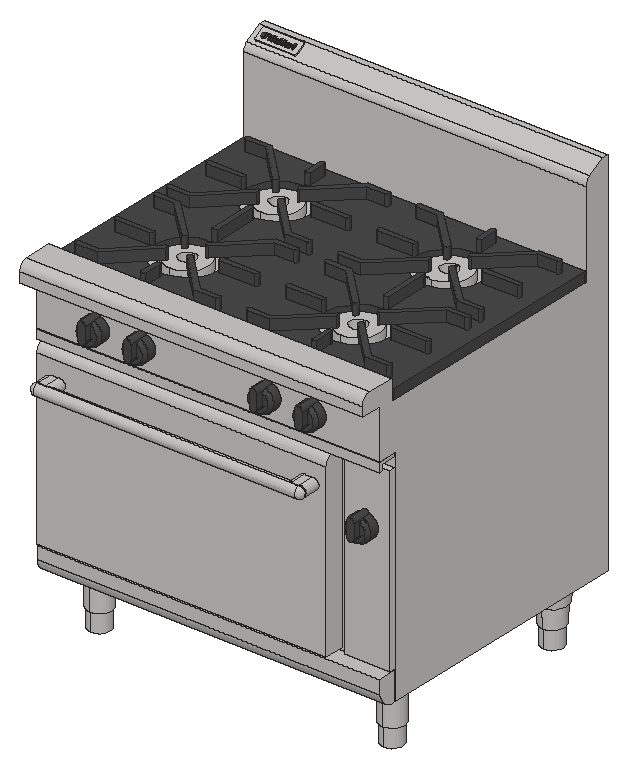
Revit family "QF_MOFFAT WALDORF_RN8910G", category Specialty Equipment, Revit 2012
Parameters
  Width = 900 mm
  Weight in Pounds = 215
  URL Cutsheet = "www.moffat.com"
  URL = "www.moffat.com"
  Type Mark [instance] = ""
  Status [instance] = ""
  Specification by User [instance] = ""
  Specification by Manufacturer = ""
  Show Logo [instance] = yes
  Show Clearance [instance] = yes
  Serial Number = ""
  Seismic Rating = ""
  SMACNA No = ""
  Revision Code [instance] = ""
  Omniclass Number and Title = ""
  NAFEM Spec ID Number = ""
  Model = "RN8910G"
  Mechanical Remarks = ""
  Mechanical Connection Type [instance] = ""
  Masterspec = ""
  Manufacturer = "MOFFAT WALDORF"
  Item Number [instance] = ""
  Installed By [instance] = ""
  Identify Quantity as Lot [instance] = yes
  Height = 1130 mm
  Gas Size = 3/4"
  Gas RI Height [instance] = 0 mm
  Gas KW [instance] = 40
  Gas Input [instance] = 134590.0 Btu/h
  Gas Connection Height = 0 mm
  Furnished By [instance] = ""
  Foodservice Equipment Identifier [instance] = yes
  Description = "RANGE GAS WITH STATIC OVEN"
  Depth = 805 mm
  CSI MasterFormat = ""
  CSI Master Format = ""
  Body Finish = QF_Finishes_Stainless Steel
Reference planes
  plane 1 "BACK": y = 0
  plane 2: z = 0
  plane 3 "LEFT": x = 0
  plane 4 "RIGHT": x = 900
  plane 5 "FRONT": y = -805
  plane 6 "TOP": z = 1130
  plane 7 "Center Y": x = 450
  plane 8 "Center X": y = -402.5
  plane 9: x = 280
  plane 10: y = -574.272
  plane 11: x = 60
  plane 12: y = -304.972
  plane 13: y = -364.972
  plane 14: x = 74
  plane 15: y = -805
  plane 16: x = 834.5
  plane 17: y = -32
  plane 18: z = 655
  plane 19: x = 65.8
Forms (mm)
  Extrusion 1, solid, material "QF_Finishes_Stainless Steel" <- "Body Finish"
    sketch origin (0, 0, 0) x (0, 1, 0) y (0, 0, 1)
      loop
        line (0, 150) -> (0, 1130) -> (-16.5, 1130) -> (-58.709, 1105.631)
        arc (-58.709, 1105.631) -> (-66.975, 1097.365) -> (-70, 1086.074) r 22.582
        line (-70, 1086.074) -> (-70, 861.8) -> (-709, 861.8) -> (-709, 915) -> (-781, 915)
        arc (-781, 915) -> (-797.971, 907.971) -> (-805, 891) r 24
        line (-805, 891) -> (-805, 866) -> (-749, 866) -> (-749, 736.219) -> (-696.73, 736.219) -> (-696.73, 150) -> (0, 150)
      loop
        line (-700.93, 150.071) -> (-700.93, 222.5) -> (-746.73, 222.5) -> (-746.73, 188)
        arc (-746.73, 188) -> (-731.317, 159.995) -> (-700.93, 150.071) r 43.526
      loop
        line (-749, 710) -> (-740.224, 710) -> (-742.613, 726.999) -> (-700.93, 726.999) -> (-700.93, 734.003) -> (-749, 734.003) -> (-749, 710)
    from 0 to 900
  Extrusion 2, solid, material "QF_Finishes_Stainless Steel"
    sketch origin (0, 0, 0) x (0, 1, 0) y (0, 0, 1)
      loop
        line (-699, 700) -> (-725, 700)
        arc (-725, 700) -> (-741.971, 692.971) -> (-749, 676) r 24
        line (-749, 676) -> (-749, 227.5) -> (-699, 227.5) -> (-699, 700)
    from 0 to 760
  Extrusion 3, solid, material "QF_Finishes_Stainless Steel"
    sketch origin (723.5, 0, 0) x (0, 1, 0) y (0, 0, 1)
      loop
        line (-699, 700) -> (-714, 700) -> (-714, 227.5) -> (-699, 227.5) -> (-699, 700)
    from 56.898 to 176.5
  Revolve 4, solid, material "QF_Finishes_Stainless Steel" <- "Body Finish"
    sketch origin (834.5, -165, 0) x (0, 1, 0) y (0, 0, -1)
      loop
        line (33.25, -50) -> (31.418, -102.468) -> (26.406, -102.468) -> (22.247, -150) -> (65, -150) -> (65, 0) -> (37.5, 0) -> (37.5, -50) -> (33.25, -50)
      axis (65, -150) -> (65, 0)
    angle from 0 to 360
  Revolve 5, solid, material "QF_Finishes_Stainless Steel" <- "Body Finish"
    sketch origin (834.5, -696.126, 0) x (0, 1, 0) y (0, 0, -1)
      loop
        line (39.376, -150) -> (71.126, -150) -> (71.126, 0) -> (43.626, 0) -> (43.626, -50) -> (39.376, -50) -> (39.376, -150)
      axis (71.126, -150) -> (71.126, 0)
    angle from 0 to 360
  Revolve 6, solid, material "QF_Finishes_Stainless Steel" <- "Body Finish"
    sketch origin (65.5, -165, 0) x (0, 1, 0) y (0, 0, 1)
      loop
        line (31.418, 102.468) -> (33.25, 50) -> (37.5, 50) -> (37.5, 0) -> (65, 0) -> (65, 150) -> (22.247, 150) -> (26.406, 102.468) -> (31.418, 102.468)
      axis (65, 150) -> (65, 0)
    angle from 0 to 360
  Revolve 7, solid, material "QF_Finishes_Stainless Steel" <- "Body Finish"
    sketch origin (65.5, -696.126, 0) x (0, 1, 0) y (0, 0, 1)
      loop
        line (39.376, 150) -> (39.376, 50) -> (43.626, 50) -> (43.626, 0) -> (71.126, 0) -> (71.126, 150) -> (39.376, 150)
      axis (71.126, 150) -> (71.126, 0)
    angle from 0 to 360
  Extrusion 8, solid, material "QF_Finishes_Stainless Steel"
    sketch origin (-64.5, 0, 325) x (1, 0, 0) y (0, 1, 0)
      loop
        circle (834.5, -32) r 10
    from 330 to 373.5
  Extrusion 9, solid, material "QF_Finishes_Black"
    sketch origin (0, -70, 861.8) x (0, -1, 0) y (1, 0, 0)
      loop
        arc (1, 4) -> (1.879, 1.879) -> (4, 1) r 3
        line (4, 1) -> (631, 1)
        arc (631, 1) -> (633.121, 1.879) -> (634, 4) r 3
        line (634, 4) -> (634, 897)
        arc (634, 897) -> (633.121, 899.121) -> (631, 900) r 3
        line (631, 900) -> (4, 900)
        arc (4, 900) -> (1.879, 899.121) -> (1, 897) r 3
        line (1, 897) -> (1, 4)
      loop
        circle (167.5, 225.387) r 85
      loop
        circle (467.768, 225.387) r 85
      loop
        circle (167.5, 674.613) r 85
      loop
        circle (467.768, 674.613) r 85
    from 0 to 25
  Extrusion 10, solid, material "QF_Finishes_Black"
    sketch origin (0, -70, 886.8) x (0, -1, 0) y (1, 0, 0)
      loop
        spline (375.602, 218.6) -> (376.896, 218.818) -> (378.102, 219.457) -> (379.138, 220.475) -> (379.932, 221.8) -> (380.432, 223.344) -> (380.602, 225) -> (380.432, 226.656) -> (379.932, 228.2) -> (379.138, 229.525) -> (378.102, 230.543) -> (376.896, 231.182) -> (375.602, 231.4)
        line (375.602, 231.4) -> (259.398, 231.4)
        spline (259.398, 231.4) -> (258.104, 231.182) -> (256.898, 230.543) -> (255.862, 229.525) -> (255.068, 228.2) -> (254.568, 226.656) -> (254.398, 225) -> (254.568, 223.344) -> (255.068, 221.8) -> (255.862, 220.475) -> (256.898, 219.457) -> (258.104, 218.818) -> (259.398, 218.6)
        line (259.398, 218.6) -> (375.602, 218.6)
      loop
        line (302.399, 350.848) -> (302.399, 408.117)
        arc (302.399, 408.117) -> (295.999, 414.517) -> (289.599, 408.117) r 6.4
        line (289.599, 408.117) -> (289.599, 356.15) -> (194.424, 260.975)
        spline (194.424, 260.975) -> (193.663, 259.905) -> (193.262, 258.601) -> (193.249, 257.149) -> (193.625, 255.65) -> (194.363, 254.205) -> (195.414, 252.914) -> (196.705, 251.863) -> (198.15, 251.125) -> (199.649, 250.749) -> (201.101, 250.762) -> (202.405, 251.163) -> (203.475, 251.924)
        line (203.475, 251.924) -> (302.399, 350.848)
      loop
        spline (161.1, 316.898) -> (161.318, 315.604) -> (161.957, 314.398) -> (162.975, 313.362) -> (164.3, 312.568) -> (165.844, 312.068) -> (167.5, 311.898) -> (169.156, 312.068) -> (170.7, 312.568) -> (172.025, 313.362) -> (173.043, 314.398) -> (173.682, 315.604) -> (173.9, 316.898)
        line (173.9, 316.898) -> (173.9, 408.102)
        spline (173.9, 408.102) -> (173.682, 409.396) -> (173.043, 410.602) -> (172.025, 411.638) -> (170.7, 412.432) -> (169.156, 412.932) -> (167.5, 413.102) -> (165.844, 412.932) -> (164.3, 412.432) -> (162.975, 411.638) -> (161.957, 410.602) -> (161.318, 409.396) -> (161.1, 408.102)
        line (161.1, 408.102) -> (161.1, 316.898)
      loop
        line (161.1, 133.102) -> (161.1, 41.898)
        spline (161.1, 41.898) -> (161.318, 40.604) -> (161.957, 39.398) -> (162.975, 38.362) -> (164.3, 37.568) -> (165.844, 37.068) -> (167.5, 36.898) -> (169.156, 37.068) -> (170.7, 37.568) -> (172.025, 38.362) -> (173.043, 39.398) -> (173.682, 40.604) -> (173.9, 41.898)
        line (173.9, 41.898) -> (173.9, 133.102)
        spline (173.9, 133.102) -> (173.682, 134.396) -> (173.043, 135.602) -> (172.025, 136.638) -> (170.7, 137.432) -> (169.156, 137.932) -> (167.5, 138.102) -> (165.844, 137.932) -> (164.3, 137.432) -> (162.975, 136.638) -> (161.957, 135.602) -> (161.318, 134.396) -> (161.1, 133.102)
      loop
        line (302.399, 99.152) -> (203.475, 198.076)
        spline (203.475, 198.076) -> (202.405, 198.837) -> (201.101, 199.238) -> (199.649, 199.251) -> (198.15, 198.875) -> (196.705, 198.137) -> (195.414, 197.086) -> (194.363, 195.795) -> (193.625, 194.35) -> (193.249, 192.851) -> (193.262, 191.399) -> (193.663, 190.095) -> (194.424, 189.025)
        line (194.424, 189.025) -> (289.599, 93.85) -> (289.599, 41.883)
        arc (289.599, 41.883) -> (295.999, 35.483) -> (302.399, 41.883) r 6.4
        line (302.399, 41.883) -> (302.399, 99.152)
      loop
        line (32.601, 350.848) -> (131.525, 251.924)
        spline (131.525, 251.924) -> (132.595, 251.163) -> (133.899, 250.762) -> (135.351, 250.749) -> (136.85, 251.125) -> (138.295, 251.863) -> (139.586, 252.914) -> (140.637, 254.205) -> (141.375, 255.65) -> (141.751, 257.149) -> (141.738, 258.601) -> (141.337, 259.905) -> (140.576, 260.975)
        line (140.576, 260.975) -> (45.401, 356.15) -> (45.401, 408.117)
        arc (45.401, 408.117) -> (39.001, 414.517) -> (32.601, 408.117) r 6.4
        line (32.601, 408.117) -> (32.601, 350.848)
      loop
        line (32.601, 99.152) -> (32.601, 41.883)
        arc (32.601, 41.883) -> (39.001, 35.483) -> (45.401, 41.883) r 6.4
        line (45.401, 41.883) -> (45.401, 93.85) -> (140.576, 189.025)
        spline (140.576, 189.025) -> (141.337, 190.095) -> (141.738, 191.399) -> (141.751, 192.851) -> (141.375, 194.35) -> (140.637, 195.795) -> (139.586, 197.086) -> (138.295, 198.137) -> (136.85, 198.875) -> (135.351, 199.251) -> (133.899, 199.238) -> (132.595, 198.837) -> (131.525, 198.076)
        line (131.525, 198.076) -> (32.601, 99.152)
      loop
        spline (70.602, 218.6) -> (71.896, 218.818) -> (73.102, 219.457) -> (74.138, 220.475) -> (74.932, 221.8) -> (75.432, 223.344) -> (75.602, 225) -> (75.432, 226.656) -> (74.932, 228.2) -> (74.138, 229.525) -> (73.102, 230.543) -> (71.896, 231.182) -> (70.602, 231.4)
        line (70.602, 231.4) -> (24.398, 231.4)
        spline (24.398, 231.4) -> (23.104, 231.182) -> (21.898, 230.543) -> (20.862, 229.525) -> (20.068, 228.2) -> (19.568, 226.656) -> (19.398, 225) -> (19.568, 223.344) -> (20.068, 221.8) -> (20.862, 220.475) -> (21.898, 219.457) -> (23.104, 218.818) -> (24.398, 218.6)
        line (24.398, 218.6) -> (70.602, 218.6)
      loop
        line (332.601, 350.848) -> (431.525, 251.924)
        spline (431.525, 251.924) -> (432.595, 251.163) -> (433.899, 250.762) -> (435.351, 250.749) -> (436.85, 251.125) -> (438.295, 251.863) -> (439.586, 252.914) -> (440.637, 254.205) -> (441.375, 255.65) -> (441.751, 257.149) -> (441.738, 258.601) -> (441.337, 259.905) -> (440.576, 260.975)
        line (440.576, 260.975) -> (345.401, 356.15) -> (345.401, 408.117)
        arc (345.401, 408.117) -> (339.001, 414.517) -> (332.601, 408.117) r 6.4
        line (332.601, 408.117) -> (332.601, 350.848)
      loop
        line (473.9, 316.898) -> (473.9, 408.102)
        spline (473.9, 408.102) -> (473.682, 409.396) -> (473.043, 410.602) -> (472.025, 411.638) -> (470.7, 412.432) -> (469.156, 412.932) -> (467.5, 413.102) -> (465.844, 412.932) -> (464.3, 412.432) -> (462.975, 411.638) -> (461.957, 410.602) -> (461.318, 409.396) -> (461.1, 408.102)
        line (461.1, 408.102) -> (461.1, 316.898)
        spline (461.1, 316.898) -> (461.318, 315.604) -> (461.957, 314.398) -> (462.975, 313.362) -> (464.3, 312.568) -> (465.844, 312.068) -> (467.5, 311.898) -> (469.156, 312.068) -> (470.7, 312.568) -> (472.025, 313.362) -> (473.043, 314.398) -> (473.682, 315.604) -> (473.9, 316.898)
      loop
        spline (473.9, 133.102) -> (473.682, 134.396) -> (473.043, 135.602) -> (472.025, 136.638) -> (470.7, 137.432) -> (469.156, 137.932) -> (467.5, 138.102) -> (465.844, 137.932) -> (464.3, 137.432) -> (462.975, 136.638) -> (461.957, 135.602) -> (461.318, 134.396) -> (461.1, 133.102)
        line (461.1, 133.102) -> (461.1, 41.898)
        spline (461.1, 41.898) -> (461.318, 40.604) -> (461.957, 39.398) -> (462.975, 38.362) -> (464.3, 37.568) -> (465.844, 37.068) -> (467.5, 36.898) -> (469.156, 37.068) -> (470.7, 37.568) -> (472.025, 38.362) -> (473.043, 39.398) -> (473.682, 40.604) -> (473.9, 41.898)
        line (473.9, 41.898) -> (473.9, 133.102)
      loop
        line (332.601, 99.152) -> (332.601, 41.883)
        arc (332.601, 41.883) -> (339.001, 35.483) -> (345.401, 41.883) r 6.4
        line (345.401, 41.883) -> (345.401, 93.85) -> (440.576, 189.025)
        spline (440.576, 189.025) -> (441.337, 190.095) -> (441.738, 191.399) -> (441.751, 192.851) -> (441.375, 194.35) -> (440.637, 195.795) -> (439.586, 197.086) -> (438.295, 198.137) -> (436.85, 198.875) -> (435.351, 199.251) -> (433.899, 199.238) -> (432.595, 198.837) -> (431.525, 198.076)
        line (431.525, 198.076) -> (332.601, 99.152)
      loop
        line (602.399, 350.848) -> (602.399, 408.117)
        arc (602.399, 408.117) -> (595.999, 414.517) -> (589.599, 408.117) r 6.4
        line (589.599, 408.117) -> (589.599, 356.15) -> (494.424, 260.975)
        spline (494.424, 260.975) -> (493.663, 259.905) -> (493.262, 258.601) -> (493.249, 257.149) -> (493.625, 255.65) -> (494.363, 254.205) -> (495.414, 252.914) -> (496.705, 251.863) -> (498.15, 251.125) -> (499.649, 250.749) -> (501.101, 250.762) -> (502.405, 251.163) -> (503.475, 251.924)
        line (503.475, 251.924) -> (602.399, 350.848)
      loop
        line (602.399, 99.152) -> (503.475, 198.076)
        spline (503.475, 198.076) -> (502.405, 198.837) -> (501.101, 199.238) -> (499.649, 199.251) -> (498.15, 198.875) -> (496.705, 198.137) -> (495.414, 197.086) -> (494.363, 195.795) -> (493.625, 194.35) -> (493.249, 192.851) -> (493.262, 191.399) -> (493.663, 190.095) -> (494.424, 189.025)
        line (494.424, 189.025) -> (589.599, 93.85) -> (589.599, 41.883)
        arc (589.599, 41.883) -> (595.999, 35.483) -> (602.399, 41.883) r 6.4
        line (602.399, 41.883) -> (602.399, 99.152)
      loop
        line (564.398, 218.6) -> (610.602, 218.6)
        spline (610.602, 218.6) -> (611.896, 218.818) -> (613.102, 219.457) -> (614.138, 220.475) -> (614.932, 221.8) -> (615.432, 223.344) -> (615.602, 225) -> (615.432, 226.656) -> (614.932, 228.2) -> (614.138, 229.525) -> (613.102, 230.543) -> (611.896, 231.182) -> (610.602, 231.4)
        line (610.602, 231.4) -> (564.398, 231.4)
        spline (564.398, 231.4) -> (563.104, 231.182) -> (561.898, 230.543) -> (560.862, 229.525) -> (560.068, 228.2) -> (559.568, 226.656) -> (559.398, 225) -> (559.568, 223.344) -> (560.068, 221.8) -> (560.862, 220.475) -> (561.898, 219.457) -> (563.104, 218.818) -> (564.398, 218.6)
      loop
        line (375.602, 681.4) -> (259.398, 681.4)
        spline (259.398, 681.4) -> (258.104, 681.182) -> (256.898, 680.543) -> (255.862, 679.525) -> (255.068, 678.2) -> (254.568, 676.656) -> (254.398, 675) -> (254.568, 673.344) -> (255.068, 671.8) -> (255.862, 670.475) -> (256.898, 669.457) -> (258.104, 668.818) -> (259.398, 668.6)
        line (259.398, 668.6) -> (375.602, 668.6)
        spline (375.602, 668.6) -> (376.896, 668.818) -> (378.102, 669.457) -> (379.138, 670.475) -> (379.932, 671.8) -> (380.432, 673.344) -> (380.602, 675) -> (380.432, 676.656) -> (379.932, 678.2) -> (379.138, 679.525) -> (378.102, 680.543) -> (376.896, 681.182) -> (375.602, 681.4)
      loop
        line (302.399, 549.152) -> (203.475, 648.076)
        spline (203.475, 648.076) -> (202.405, 648.837) -> (201.101, 649.238) -> (199.649, 649.251) -> (198.15, 648.875) -> (196.705, 648.137) -> (195.414, 647.086) -> (194.363, 645.795) -> (193.625, 644.35) -> (193.249, 642.851) -> (193.262, 641.399) -> (193.663, 640.095) -> (194.424, 639.025)
        line (194.424, 639.025) -> (289.599, 543.85) -> (289.599, 491.883)
        arc (289.599, 491.883) -> (295.999, 485.483) -> (302.399, 491.883) r 6.4
        line (302.399, 491.883) -> (302.399, 549.152)
      loop
        line (161.1, 583.102) -> (161.1, 491.898)
        spline (161.1, 491.898) -> (161.318, 490.604) -> (161.957, 489.398) -> (162.975, 488.362) -> (164.3, 487.568) -> (165.844, 487.068) -> (167.5, 486.898) -> (169.156, 487.068) -> (170.7, 487.568) -> (172.025, 488.362) -> (173.043, 489.398) -> (173.682, 490.604) -> (173.9, 491.898)
        line (173.9, 491.898) -> (173.9, 583.102)
        spline (173.9, 583.102) -> (173.682, 584.396) -> (173.043, 585.602) -> (172.025, 586.638) -> (170.7, 587.432) -> (169.156, 587.932) -> (167.5, 588.102) -> (165.844, 587.932) -> (164.3, 587.432) -> (162.975, 586.638) -> (161.957, 585.602) -> (161.318, 584.396) -> (161.1, 583.102)
      loop
        spline (161.1, 766.898) -> (161.318, 765.604) -> (161.957, 764.398) -> (162.975, 763.362) -> (164.3, 762.568) -> (165.844, 762.068) -> (167.5, 761.898) -> (169.156, 762.068) -> (170.7, 762.568) -> (172.025, 763.362) -> (173.043, 764.398) -> (173.682, 765.604) -> (173.9, 766.898)
        line (173.9, 766.898) -> (173.9, 858.102)
        spline (173.9, 858.102) -> (173.682, 859.396) -> (173.043, 860.602) -> (172.025, 861.638) -> (170.7, 862.432) -> (169.156, 862.932) -> (167.5, 863.102) -> (165.844, 862.932) -> (164.3, 862.432) -> (162.975, 861.638) -> (161.957, 860.602) -> (161.318, 859.396) -> (161.1, 858.102)
        line (161.1, 858.102) -> (161.1, 766.898)
      loop
        line (302.399, 800.848) -> (302.399, 858.117)
        arc (302.399, 858.117) -> (295.999, 864.517) -> (289.599, 858.117) r 6.4
        line (289.599, 858.117) -> (289.599, 806.15) -> (194.424, 710.975)
        spline (194.424, 710.975) -> (193.663, 709.905) -> (193.262, 708.601) -> (193.249, 707.149) -> (193.625, 705.65) -> (194.363, 704.205) -> (195.414, 702.914) -> (196.705, 701.863) -> (198.15, 701.125) -> (199.649, 700.749) -> (201.101, 700.762) -> (202.405, 701.163) -> (203.475, 701.924)
        line (203.475, 701.924) -> (302.399, 800.848)
      loop
        line (32.601, 549.152) -> (32.601, 491.883)
        arc (32.601, 491.883) -> (39.001, 485.483) -> (45.401, 491.883) r 6.4
        line (45.401, 491.883) -> (45.401, 543.85) -> (140.576, 639.025)
        spline (140.576, 639.025) -> (141.337, 640.095) -> (141.738, 641.399) -> (141.751, 642.851) -> (141.375, 644.35) -> (140.637, 645.795) -> (139.586, 647.086) -> (138.295, 648.137) -> (136.85, 648.875) -> (135.351, 649.251) -> (133.899, 649.238) -> (132.595, 648.837) -> (131.525, 648.076)
        line (131.525, 648.076) -> (32.601, 549.152)
      loop
        line (32.601, 800.848) -> (131.525, 701.924)
        spline (131.525, 701.924) -> (132.595, 701.163) -> (133.899, 700.762) -> (135.351, 700.749) -> (136.85, 701.125) -> (138.295, 701.863) -> (139.586, 702.914) -> (140.637, 704.205) -> (141.375, 705.65) -> (141.751, 707.149) -> (141.738, 708.601) -> (141.337, 709.905) -> (140.576, 710.975)
        line (140.576, 710.975) -> (45.401, 806.15) -> (45.401, 858.117)
        arc (45.401, 858.117) -> (39.001, 864.517) -> (32.601, 858.117) r 6.4
        line (32.601, 858.117) -> (32.601, 800.848)
      loop
        line (70.602, 681.4) -> (24.398, 681.4)
        spline (24.398, 681.4) -> (23.104, 681.182) -> (21.898, 680.543) -> (20.862, 679.525) -> (20.068, 678.2) -> (19.568, 676.656) -> (19.398, 675) -> (19.568, 673.344) -> (20.068, 671.8) -> (20.862, 670.475) -> (21.898, 669.457) -> (23.104, 668.818) -> (24.398, 668.6)
        line (24.398, 668.6) -> (70.602, 668.6)
        spline (70.602, 668.6) -> (71.896, 668.818) -> (73.102, 669.457) -> (74.138, 670.475) -> (74.932, 671.8) -> (75.432, 673.344) -> (75.602, 675) -> (75.432, 676.656) -> (74.932, 678.2) -> (74.138, 679.525) -> (73.102, 680.543) -> (71.896, 681.182) -> (70.602, 681.4)
      loop
        line (332.601, 549.152) -> (332.601, 491.883)
        arc (332.601, 491.883) -> (339.001, 485.483) -> (345.401, 491.883) r 6.4
        line (345.401, 491.883) -> (345.401, 543.85) -> (440.576, 639.025)
        spline (440.576, 639.025) -> (441.337, 640.095) -> (441.738, 641.399) -> (441.751, 642.851) -> (441.375, 644.35) -> (440.637, 645.795) -> (439.586, 647.086) -> (438.295, 648.137) -> (436.85, 648.875) -> (435.351, 649.251) -> (433.899, 649.238) -> (432.595, 648.837) -> (431.525, 648.076)
        line (431.525, 648.076) -> (332.601, 549.152)
      loop
        spline (473.9, 583.102) -> (473.682, 584.396) -> (473.043, 585.602) -> (472.025, 586.638) -> (470.7, 587.432) -> (469.156, 587.932) -> (467.5, 588.102) -> (465.844, 587.932) -> (464.3, 587.432) -> (462.975, 586.638) -> (461.957, 585.602) -> (461.318, 584.396) -> (461.1, 583.102)
        line (461.1, 583.102) -> (461.1, 491.898)
        spline (461.1, 491.898) -> (461.318, 490.604) -> (461.957, 489.398) -> (462.975, 488.362) -> (464.3, 487.568) -> (465.844, 487.068) -> (467.5, 486.898) -> (469.156, 487.068) -> (470.7, 487.568) -> (472.025, 488.362) -> (473.043, 489.398) -> (473.682, 490.604) -> (473.9, 491.898)
        line (473.9, 491.898) -> (473.9, 583.102)
      loop
        line (473.9, 766.898) -> (473.9, 858.102)
        spline (473.9, 858.102) -> (473.682, 859.396) -> (473.043, 860.602) -> (472.025, 861.638) -> (470.7, 862.432) -> (469.156, 862.932) -> (467.5, 863.102) -> (465.844, 862.932) -> (464.3, 862.432) -> (462.975, 861.638) -> (461.957, 860.602) -> (461.318, 859.396) -> (461.1, 858.102)
        line (461.1, 858.102) -> (461.1, 766.898)
        spline (461.1, 766.898) -> (461.318, 765.604) -> (461.957, 764.398) -> (462.975, 763.362) -> (464.3, 762.568) -> (465.844, 762.068) -> (467.5, 761.898) -> (469.156, 762.068) -> (470.7, 762.568) -> (472.025, 763.362) -> (473.043, 764.398) -> (473.682, 765.604) -> (473.9, 766.898)
      loop
        line (332.601, 800.848) -> (431.525, 701.924)
        spline (431.525, 701.924) -> (432.595, 701.163) -> (433.899, 700.762) -> (435.351, 700.749) -> (436.85, 701.125) -> (438.295, 701.863) -> (439.586, 702.914) -> (440.637, 704.205) -> (441.375, 705.65) -> (441.751, 707.149) -> (441.738, 708.601) -> (441.337, 709.905) -> (440.576, 710.975)
        line (440.576, 710.975) -> (345.401, 806.15) -> (345.401, 858.117)
        arc (345.401, 858.117) -> (339.001, 864.517) -> (332.601, 858.117) r 6.4
        line (332.601, 858.117) -> (332.601, 800.848)
      loop
        line (602.399, 549.152) -> (503.475, 648.076)
        spline (503.475, 648.076) -> (502.405, 648.837) -> (501.101, 649.238) -> (499.649, 649.251) -> (498.15, 648.875) -> (496.705, 648.137) -> (495.414, 647.086) -> (494.363, 645.795) -> (493.625, 644.35) -> (493.249, 642.851) -> (493.262, 641.399) -> (493.663, 640.095) -> (494.424, 639.025)
        line (494.424, 639.025) -> (589.599, 543.85) -> (589.599, 491.883)
        arc (589.599, 491.883) -> (595.999, 485.483) -> (602.399, 491.883) r 6.4
        line (602.399, 491.883) -> (602.399, 549.152)
      loop
        line (602.399, 800.848) -> (602.399, 858.117)
        arc (602.399, 858.117) -> (595.999, 864.517) -> (589.599, 858.117) r 6.4
        line (589.599, 858.117) -> (589.599, 806.15) -> (494.424, 710.975)
        spline (494.424, 710.975) -> (493.663, 709.905) -> (493.262, 708.601) -> (493.249, 707.149) -> (493.625, 705.65) -> (494.363, 704.205) -> (495.414, 702.914) -> (496.705, 701.863) -> (498.15, 701.125) -> (499.649, 700.749) -> (501.101, 700.762) -> (502.405, 701.163) -> (503.475, 701.924)
        line (503.475, 701.924) -> (602.399, 800.848)
      loop
        spline (564.398, 681.4) -> (563.104, 681.182) -> (561.898, 680.543) -> (560.862, 679.525) -> (560.068, 678.2) -> (559.568, 676.656) -> (559.398, 675) -> (559.568, 673.344) -> (560.068, 671.8) -> (560.862, 670.475) -> (561.898, 669.457) -> (563.104, 668.818) -> (564.398, 668.6)
        line (564.398, 668.6) -> (610.602, 668.6)
        spline (610.602, 668.6) -> (611.896, 668.818) -> (613.102, 669.457) -> (614.138, 670.475) -> (614.932, 671.8) -> (615.432, 673.344) -> (615.602, 675) -> (615.432, 676.656) -> (614.932, 678.2) -> (614.138, 679.525) -> (613.102, 680.543) -> (611.896, 681.182) -> (610.602, 681.4)
        line (610.602, 681.4) -> (564.398, 681.4)
    from 0 to 28.2
  Extrusion 11, solid, material "QF_Finishes_Stainless Steel"
    sketch origin (0, -737.874, 150) x (1, 0, 0) y (0, -1, 0)
      loop
        circle (820.5, -271.602) r 10
    from 0 to 4
  Revolve 12, solid, material "QF_Finishes_Black"
    sketch origin (734.351, 38.874, -0.118) x (0, 1, 0) y (0, 0, 1)
      loop
        line (-820.874, 829.5) -> (-831.874, 823.651) -> (-831.874, 797) -> (-787.874, 797) -> (-787.874, 802) -> (-797.874, 802) -> (-797.874, 829.5) -> (-820.874, 829.5)
      axis (-831.874, 797) -> (-787.874, 797)
    angle from 0 to 360
  Revolve 13, solid, material "QF_Finishes_Black"
    sketch origin (165.024, 38.874, -0.118) x (0, 1, 0) y (0, 0, -1)
      loop
        line (-820.874, -829.5) -> (-797.874, -829.5) -> (-797.874, -802) -> (-787.874, -802) -> (-787.874, -797) -> (-831.874, -797) -> (-831.874, -823.651) -> (-820.874, -829.5)
      axis (-831.874, -797) -> (-787.874, -797)
    angle from 0 to 360
  Revolve 14, solid, material "QF_Finishes_Black"
    sketch origin (285.625, 38.874, -0.118) x (0, 1, 0) y (0, 0, -1)
      loop
        line (-820.874, -829.5) -> (-797.874, -829.5) -> (-797.874, -802) -> (-787.874, -802) -> (-787.874, -797) -> (-831.874, -797) -> (-831.874, -823.651) -> (-820.874, -829.5)
      axis (-831.874, -797) -> (-787.874, -797)
    angle from 0 to 360
  Revolve 15, solid, material "QF_Finishes_Black"
    sketch origin (615.625, 38.874, -0.118) x (0, 1, 0) y (0, 0, -1)
      loop
        line (-820.874, -829.5) -> (-797.874, -829.5) -> (-797.874, -802) -> (-787.874, -802) -> (-787.874, -797) -> (-831.874, -797) -> (-831.874, -823.651) -> (-820.874, -829.5)
      axis (-831.874, -797) -> (-787.874, -797)
    angle from 0 to 360
  Extrusion 16, solid, material "QF_Finishes_Black"
    sketch origin (586.544, 0, -0.118) x (1, 0, 0) y (0, 0, 1)
      loop
        line (158.3, 789) -> (158.3, 824)
        arc (158.3, 824) -> (148.3, 834) -> (138.3, 824) r 10
        line (138.3, 824) -> (138.3, 789)
        arc (138.3, 789) -> (148.3, 779) -> (158.3, 789) r 10
    from 759 to 808
  Extrusion 17, solid, material "QF_Finishes_Black"
    sketch origin (312.831, 0, -0.118) x (-1, 0, 0) y (0, 0, -1)
      loop
        arc (158.3, -789) -> (148.3, -779) -> (138.3, -789) r 10
        line (138.3, -789) -> (138.3, -824)
        arc (138.3, -824) -> (148.3, -834) -> (158.3, -824) r 10
        line (158.3, -824) -> (158.3, -789)
    from 759 to 808
  Extrusion 18, solid, material "QF_Finishes_Black"
    sketch origin (433.432, 0, -0.118) x (-1, 0, 0) y (0, 0, -1)
      loop
        arc (158.3, -789) -> (148.3, -779) -> (138.3, -789) r 10
        line (138.3, -789) -> (138.3, -824)
        arc (138.3, -824) -> (148.3, -834) -> (158.3, -824) r 10
        line (158.3, -824) -> (158.3, -789)
    from 759 to 808
  Extrusion 19, solid, material "QF_Finishes_Black"
    sketch origin (763.432, 0, -0.118) x (-1, 0, 0) y (0, 0, -1)
      loop
        arc (158.3, -789) -> (148.3, -779) -> (138.3, -789) r 10
        line (138.3, -789) -> (138.3, -824)
        arc (138.3, -824) -> (148.3, -834) -> (158.3, -824) r 10
        line (158.3, -824) -> (158.3, -789)
    from 759 to 808
  Revolve 20, solid, material "QF_Finishes_Black"
    sketch origin (836.851, 81.268, -245.75) x (0, 1, 0) y (0, 0, 1)
      loop
        line (-820.874, 829.5) -> (-831.874, 823.651) -> (-831.874, 797) -> (-787.874, 797) -> (-787.874, 802) -> (-797.874, 802) -> (-797.874, 829.5) -> (-820.874, 829.5)
      axis (-831.874, 797) -> (-787.874, 797)
    angle from 0 to 360
  Extrusion 21, solid, material "QF_Finishes_Black"
    sketch origin (689.044, 42.394, -245.75) x (1, 0, 0) y (0, 0, 1)
      loop
        line (158.3, 789) -> (158.3, 824)
        arc (158.3, 824) -> (148.3, 834) -> (138.3, 824) r 10
        line (138.3, 824) -> (138.3, 789)
        arc (138.3, 789) -> (148.3, 779) -> (158.3, 789) r 10
    from 759 to 808
  Extrusion 22, solid, material "QF_Door-Drawer Clearances", visible <- "Show Clearance", detail levels coarse
    sketch origin (0, 0, 0) x (0, -1, 0) y (0, 0, 1)
      loop
        line (749, 697.347) -> (749, 227.5) -> (1218.847, 227.5)
        arc (1218.847, 227.5) -> (1081.232, 559.732) -> (749, 697.347) r 469.847
    from 0 to -760
  Extrusion 23, void
    sketch origin (0, 0, 222.5) x (1, 0, 0) y (0, 1, 0)
      loop
        line (824, -87) -> (824, 0) -> (694, 0) -> (694, -39) -> (744, -87) -> (824, -87)
    from 0 to 476
  Extrusion 24, solid, material "QF_Finishes_Stainless Steel"
    sketch origin (0, -70, 861.8) x (0, -1, 0) y (1, 0, 0)
      loop
        circle (467.5, 225.387) r 57
      loop
        circle (167.5, 225.387) r 57
      loop
        circle (467.5, 674.613) r 57
      loop
        circle (167.5, 674.613) r 57
      loop
        circle (167.5, 225.387) r 22
      loop
        circle (167.5, 674.613) r 22
      loop
        circle (467.5, 674.613) r 22
      loop
        circle (467.5, 225.387) r 22
    from 0 to 25
  Extrusion 25, solid, material "QF_Finishes_Stainless Steel"
    sketch origin (0, -749, 227.5) x (0, 0, 1) y (-1, 0, 0)
      loop
        line (380.625, -38.246) -> (380.625, -58.528)
        arc (380.625, -58.528) -> (395.625, -73.528) -> (410.625, -58.528) r 15
        line (410.625, -58.528) -> (410.625, -38.246)
        arc (410.625, -38.246) -> (395.625, -23.246) -> (380.625, -38.246) r 15
      loop
        arc (380.625, -724.289) -> (395.625, -739.289) -> (410.625, -724.289) r 15
        line (410.625, -724.289) -> (410.625, -704.007)
        arc (410.625, -704.007) -> (395.625, -689.007) -> (380.625, -704.007) r 15
        line (380.625, -704.007) -> (380.625, -724.289)
    from 0 to 44
  Revolve 26, solid, material "QF_Finishes_Stainless Steel"
    sketch origin (0, -793, 0) x (1, 0, 0) y (0, 0, 1)
      loop
        arc (739.289, 623.125) -> (734.896, 633.732) -> (724.289, 638.125) r 15
        line (724.289, 638.125) -> (38.246, 638.125)
        arc (38.246, 638.125) -> (27.64, 633.732) -> (23.246, 623.125) r 15
        line (23.246, 623.125) -> (739.289, 623.125)
      axis (739.289, 623.125) -> (23.246, 623.125)
    angle from 0 to 360
Cuts and joins
  Extrusion 23 cuts Extrusion 1
Lines and regions (mm)
  Split face 1
    outline origin (0, -16.5, 1130) x (0, -0.866025, -0.5) y (1, 0, 0)
      loop
        line (1.962, 129.583) -> (34.599, 129.583) -> (34.599, 149.583) -> (1.962, 149.583) -> (1.962, 129.583)
  Split face 2
    outline origin (0, -16.5, 1130) x (0, -0.866025, -0.5) y (1, 0, 0)
      loop
        line (34.599, 156.5) -> (34.599, 176.5) -> (1.962, 176.5) -> (1.962, 156.5) -> (34.599, 156.5)
  Split face 3
    outline origin (0, -16.5, 1130) x (0, -0.866025, -0.5) y (1, 0, 0)
      loop
        line (34.599, 203.5) -> (1.962, 203.5) -> (1.962, 183.5) -> (34.599, 183.5) -> (34.599, 203.5)
  Split face 4
    outline origin (0, -16.5, 1130) x (0, -0.866025, -0.5) y (1, 0, 0)
      loop
        line (34.599, 230.5) -> (1.962, 230.5) -> (1.962, 210.5) -> (34.599, 210.5) -> (34.599, 230.5)
  Split face 5
    outline origin (0, -16.5, 1130) x (0, -0.866025, -0.5) y (1, 0, 0)
      loop
        line (34.599, 257.5) -> (1.962, 257.5) -> (1.962, 237.5) -> (34.599, 237.5) -> (34.599, 257.5)
  Split face 6
    outline origin (0, -16.5, 1130) x (0, -0.866025, -0.5) y (1, 0, 0)
      loop
        line (34.599, 264.5) -> (34.599, 284.5) -> (1.962, 284.5) -> (1.962, 264.5) -> (34.599, 264.5)
  Split face 7
    outline origin (0, -16.5, 1130) x (0, -0.866025, -0.5) y (1, 0, 0)
      loop
        line (34.599, 311.5) -> (1.962, 311.5) -> (1.962, 291.5) -> (34.599, 291.5) -> (34.599, 311.5)
  Split face 8
    outline origin (0, -16.5, 1130) x (0, -0.866025, -0.5) y (1, 0, 0)
      loop
        line (1.962, 638.5) -> (1.962, 618.5) -> (34.599, 618.5) -> (34.599, 638.5) -> (1.962, 638.5)
  Split face 9
    outline origin (0, -16.5, 1130) x (0, -0.866025, -0.5) y (1, 0, 0)
      loop
        line (1.962, 645.5) -> (34.599, 645.5) -> (34.599, 665.5) -> (1.962, 665.5) -> (1.962, 645.5)
  Split face 10
    outline origin (0, -16.5, 1130) x (0, -0.866025, -0.5) y (1, 0, 0)
      loop
        line (34.599, 672.5) -> (34.599, 692.5) -> (1.962, 692.5) -> (1.962, 672.5) -> (34.599, 672.5)
  Split face 11
    outline origin (0, -16.5, 1130) x (0, -0.866025, -0.5) y (1, 0, 0)
      loop
        line (34.599, 699.5) -> (34.599, 719.5) -> (1.962, 719.5) -> (1.962, 699.5) -> (34.599, 699.5)
  Split face 12
    outline origin (0, -16.5, 1130) x (0, -0.866025, -0.5) y (1, 0, 0)
      loop
        line (34.599, 726.5) -> (34.599, 746.5) -> (1.962, 746.5) -> (1.962, 726.5) -> (34.599, 726.5)
  Split face 13
    outline origin (0, -16.5, 1130) x (0, -0.866025, -0.5) y (1, 0, 0)
      loop
        line (1.962, 753.5) -> (34.599, 753.5) -> (34.599, 773.5) -> (1.962, 773.5) -> (1.962, 753.5)
  Split face 14
    outline origin (29.312, -16.5, 1130) x (0, -0.866025, -0.5) y (1, 0, 0)
      loop
        line (34.599, 311.5) -> (1.962, 311.5) -> (1.962, 291.5) -> (34.599, 291.5) -> (34.599, 311.5)
  Split face 15
    outline origin (58.539, -16.5, 1130) x (0, -0.866025, -0.5) y (1, 0, 0)
      loop
        line (34.599, 311.5) -> (1.962, 311.5) -> (1.962, 291.5) -> (34.599, 291.5) -> (34.599, 311.5)
  Split face 16
    outline origin (85.538, -16.5, 1130) x (0, -0.866025, -0.5) y (1, 0, 0)
      loop
        line (34.599, 311.5) -> (1.962, 311.5) -> (1.962, 291.5) -> (34.599, 291.5) -> (34.599, 311.5)
  Split face 17
    outline origin (111.014, -16.5, 1130) x (0, -0.866025, -0.5) y (1, 0, 0)
      loop
        line (34.599, 311.5) -> (1.962, 311.5) -> (1.962, 291.5) -> (34.599, 291.5) -> (34.599, 311.5)
  Split face 18
    outline origin (137.462, -16.5, 1130) x (0, -0.866025, -0.5) y (1, 0, 0)
      loop
        line (34.599, 311.5) -> (1.962, 311.5) -> (1.962, 291.5) -> (34.599, 291.5) -> (34.599, 311.5)
  Split face 19
    outline origin (163.546, -16.5, 1130) x (0, -0.866025, -0.5) y (1, 0, 0)
      loop
        line (34.599, 311.5) -> (1.962, 311.5) -> (1.962, 291.5) -> (34.599, 291.5) -> (34.599, 311.5)
  Split face 20
    outline origin (189.443, -16.5, 1130) x (0, -0.866025, -0.5) y (1, 0, 0)
      loop
        line (34.599, 311.5) -> (1.962, 311.5) -> (1.962, 291.5) -> (34.599, 291.5) -> (34.599, 311.5)
  Split face 21
    outline origin (215.891, -16.5, 1130) x (0, -0.866025, -0.5) y (1, 0, 0)
      loop
        line (34.599, 311.5) -> (1.962, 311.5) -> (1.962, 291.5) -> (34.599, 291.5) -> (34.599, 311.5)
  Split face 22
    outline origin (246.196, -16.5, 1130) x (0, -0.866025, -0.5) y (1, 0, 0)
      loop
        line (34.599, 311.5) -> (1.962, 311.5) -> (1.962, 291.5) -> (34.599, 291.5) -> (34.599, 311.5)
  Split face 23
    outline origin (274.297, -16.5, 1130) x (0, -0.866025, -0.5) y (1, 0, 0)
      loop
        line (34.599, 311.5) -> (1.962, 311.5) -> (1.962, 291.5) -> (34.599, 291.5) -> (34.599, 311.5)
  Split face 24
    outline origin (299.643, -16.5, 1130) x (0, -0.866025, -0.5) y (1, 0, 0)
      loop
        line (34.599, 311.5) -> (1.962, 311.5) -> (1.962, 291.5) -> (34.599, 291.5) -> (34.599, 311.5)
  symbolic lines
    curve 1: line (0, 0, 0) -> (0, -805, 0)
    curve 2: line (900, 0, 0) -> (0, 0, 0)
    curve 3: line (900, -805, 0) -> (900, 0, 0)
    curve 4: line (0, -70, 0) -> (900, -70, 0)
    curve 5: line (12.5, -51.234, 0) -> (12.5, -20.958, 0)
    curve 6: line (12.5, -20.958, 0) -> (121.5, -20.958, 0)
    curve 7: line (12.5, -51.234, 0) -> (121.5, -51.234, 0)
    curve 8: line (121.5, -20.958, 0) -> (121.5, -51.234, 0)
    curve 9: line (129.583, -22.262, 0) -> (129.583, -50.526, 0)
    curve 10: line (129.583, -50.526, 0) -> (149.583, -50.526, 0)
    curve 11: line (149.583, -50.526, 0) -> (149.583, -22.262, 0)
    curve 12: line (149.583, -22.262, 0) -> (129.583, -22.262, 0)
    curve 13: line (156.5, -22.262, 0) -> (156.5, -50.526, 0)
    curve 14: line (156.5, -50.526, 0) -> (176.5, -50.526, 0)
    curve 15: line (176.5, -50.526, 0) -> (176.5, -22.262, 0)
    curve 16: line (176.5, -22.262, 0) -> (156.5, -22.262, 0)
    curve 17: line (183.5, -22.262, 0) -> (183.5, -50.526, 0)
    curve 18: line (183.5, -50.526, 0) -> (203.5, -50.526, 0)
    curve 19: line (203.5, -50.526, 0) -> (203.5, -22.262, 0)
    curve 20: line (203.5, -22.262, 0) -> (183.5, -22.262, 0)
    curve 21: line (210.5, -22.262, 0) -> (210.5, -50.526, 0)
    curve 22: line (210.5, -50.526, 0) -> (230.5, -50.526, 0)
    curve 23: line (230.5, -50.526, 0) -> (230.5, -22.262, 0)
    curve 24: line (230.5, -22.262, 0) -> (210.5, -22.262, 0)
    curve 25: line (900, -805, 0) -> (0, -805, 0)
    curve 26: line (237.5, -22.262, 0) -> (237.5, -50.526, 0)
    curve 27: line (237.5, -50.526, 0) -> (257.5, -50.526, 0)
    curve 28: line (257.5, -50.526, 0) -> (257.5, -22.262, 0)
    curve 29: line (257.5, -22.262, 0) -> (237.5, -22.262, 0)
    curve 30: line (264.417, -22.262, 0) -> (264.417, -50.526, 0)
    curve 31: line (264.417, -50.526, 0) -> (284.417, -50.526, 0)
    curve 32: line (284.417, -50.526, 0) -> (284.417, -22.262, 0)
    curve 33: line (284.417, -22.262, 0) -> (264.417, -22.262, 0)
    curve 34: line (291.417, -22.262, 0) -> (291.417, -50.526, 0)
    curve 35: line (291.417, -50.526, 0) -> (311.417, -50.526, 0)
    curve 36: line (311.417, -50.526, 0) -> (311.417, -22.262, 0)
    curve 37: line (311.417, -22.262, 0) -> (291.417, -22.262, 0)
    curve 38: line (318.417, -22.262, 0) -> (318.417, -50.526, 0)
    curve 39: line (318.417, -50.526, 0) -> (338.417, -50.526, 0)
    curve 40: line (338.417, -50.526, 0) -> (338.417, -22.262, 0)
    curve 41: line (338.417, -22.262, 0) -> (318.417, -22.262, 0)
    curve 42: line (350.039, -22.262, 0) -> (350.039, -50.526, 0)
    curve 43: line (350.039, -50.526, 0) -> (370.039, -50.526, 0)
    curve 44: line (370.039, -50.526, 0) -> (370.039, -22.262, 0)
    curve 45: line (370.039, -22.262, 0) -> (350.039, -22.262, 0)
    curve 46: line (376.956, -22.262, 0) -> (376.956, -50.526, 0)
    curve 47: line (376.956, -50.526, 0) -> (396.956, -50.526, 0)
    curve 48: line (396.956, -50.526, 0) -> (396.956, -22.262, 0)
    curve 49: line (396.956, -22.262, 0) -> (376.956, -22.262, 0)
    curve 50: line (403.956, -22.262, 0) -> (403.956, -50.526, 0)
    curve 51: line (403.956, -50.526, 0) -> (423.956, -50.526, 0)
    curve 52: line (423.956, -50.526, 0) -> (423.956, -22.262, 0)
    curve 53: line (423.956, -22.262, 0) -> (403.956, -22.262, 0)
    curve 54: line (430.956, -22.262, 0) -> (430.956, -50.526, 0)
    curve 55: line (430.956, -50.526, 0) -> (450.956, -50.526, 0)
    curve 56: line (450.956, -50.526, 0) -> (450.956, -22.262, 0)
    curve 57: line (450.956, -22.262, 0) -> (430.956, -22.262, 0)
    curve 58: line (457.956, -22.262, 0) -> (457.956, -50.526, 0)
    curve 59: line (457.956, -50.526, 0) -> (477.956, -50.526, 0)
    curve 60: line (477.956, -50.526, 0) -> (477.956, -22.262, 0)
    curve 61: line (477.956, -22.262, 0) -> (457.956, -22.262, 0)
    curve 62: line (484.872, -22.262, 0) -> (484.872, -50.526, 0)
    curve 63: line (484.872, -50.526, 0) -> (504.872, -50.526, 0)
    curve 64: line (504.872, -50.526, 0) -> (504.872, -22.262, 0)
    curve 65: line (504.872, -22.262, 0) -> (484.872, -22.262, 0)
    curve 66: line (511.872, -22.262, 0) -> (511.872, -50.526, 0)
    curve 67: line (511.872, -50.526, 0) -> (531.872, -50.526, 0)
    curve 68: line (531.872, -50.526, 0) -> (531.872, -22.262, 0)
    curve 69: line (531.872, -22.262, 0) -> (511.872, -22.262, 0)
    curve 70: line (538.872, -22.262, 0) -> (538.872, -50.526, 0)
    curve 71: line (538.872, -50.526, 0) -> (558.872, -50.526, 0)
    curve 72: line (558.872, -50.526, 0) -> (558.872, -22.262, 0)
    curve 73: line (558.872, -22.262, 0) -> (538.872, -22.262, 0)
    curve 74: line (565.797, -22.262, 0) -> (565.797, -50.526, 0)
    curve 75: line (565.797, -50.526, 0) -> (585.797, -50.526, 0)
    curve 76: line (585.797, -50.526, 0) -> (585.797, -22.262, 0)
    curve 77: line (585.797, -22.262, 0) -> (565.797, -22.262, 0)
    curve 78: line (592.714, -22.262, 0) -> (592.714, -50.526, 0)
    curve 79: line (592.714, -50.526, 0) -> (612.714, -50.526, 0)
    curve 80: line (612.714, -50.526, 0) -> (612.714, -22.262, 0)
    curve 81: line (612.714, -22.262, 0) -> (592.714, -22.262, 0)
    curve 82: line (619.714, -22.262, 0) -> (619.714, -50.526, 0)
    curve 83: line (619.714, -50.526, 0) -> (639.714, -50.526, 0)
    curve 84: line (639.714, -50.526, 0) -> (639.714, -22.262, 0)
    curve 85: line (639.714, -22.262, 0) -> (619.714, -22.262, 0)
    curve 86: line (646.714, -22.262, 0) -> (646.714, -50.526, 0)
    curve 87: line (646.714, -50.526, 0) -> (666.714, -50.526, 0)
    curve 88: line (666.714, -50.526, 0) -> (666.714, -22.262, 0)
    curve 89: line (666.714, -22.262, 0) -> (646.714, -22.262, 0)
    curve 90: line (673.714, -22.262, 0) -> (673.714, -50.526, 0)
    curve 91: line (673.714, -50.526, 0) -> (693.714, -50.526, 0)
    curve 92: line (693.714, -50.526, 0) -> (693.714, -22.262, 0)
    curve 93: line (693.714, -22.262, 0) -> (673.714, -22.262, 0)
    curve 94: line (700.631, -22.262, 0) -> (700.631, -50.526, 0)
    curve 95: line (700.631, -50.526, 0) -> (720.631, -50.526, 0)
    curve 96: line (720.631, -50.526, 0) -> (720.631, -22.262, 0)
    curve 97: line (720.631, -22.262, 0) -> (700.631, -22.262, 0)
    curve 98: line (727.631, -22.262, 0) -> (727.631, -50.526, 0)
    curve 99: line (727.631, -50.526, 0) -> (747.631, -50.526, 0)
    curve 100: line (747.631, -50.526, 0) -> (747.631, -22.262, 0)
    curve 101: line (747.631, -22.262, 0) -> (727.631, -22.262, 0)
    curve 102: line (754.631, -22.262, 0) -> (754.631, -50.526, 0)
    curve 103: line (754.631, -50.526, 0) -> (774.631, -50.526, 0)
    curve 104: line (774.631, -50.526, 0) -> (774.631, -22.262, 0)
    curve 105: line (774.631, -22.262, 0) -> (754.631, -22.262, 0)
    curve 106: line (900, -709, 0) -> (0, -709, 0)
    curve 107: line (0, -705.7, 0) -> (900, -705.7, 0)
    curve 108: line (900, -72.734, 0) -> (0, -72.734, 0)
    curve 109: arc (22.65, -805, 0) -> (34.104, -815.278, 0) -> (48.889, -819.544, 0) r 34.455
    curve 110: line (48.889, -819.544, 0) -> (721.858, -819.544, 0)
    curve 111: arc (721.858, -819.544, 0) -> (736.403, -815.647, 0) -> (747.05, -805, 0) r 29.089
    curve 112: line (35.483, -109.001, 0) -> (96.108, -109.001, 0)
    curve 113: line (96.108, -109.001, 0) -> (196.25, -209.143, 0)
    curve 114: line (35.483, -365.999, 0) -> (96.108, -365.999, 0)
    curve 115: line (96.108, -365.999, 0) -> (196.25, -265.857, 0)
    curve 116: line (415.29, -109.001, 0) -> (353.415, -109.001, 0)
    curve 117: line (353.415, -109.001, 0) -> (254.523, -207.893, 0)
    curve 118: line (415.29, -365.999, 0) -> (353.415, -365.999, 0)
    curve 119: line (353.415, -365.999, 0) -> (254.523, -267.107, 0)
    curve 120: line (413.064, -237.566, 0) -> (312.031, -237.566, 0)
    curve 121: line (37.71, -237.566, 0) -> (138.743, -237.566, 0)
    curve 122: line (224.864, -89.312, 0) -> (224.864, -145.466, 0)
    curve 123: line (225.222, -322.499, 0) -> (225.222, -449.33, 0)
    curve 124: line (864.517, -109.001, 0) -> (803.892, -109.001, 0)
    curve 125: line (803.892, -109.001, 0) -> (703.75, -209.143, 0)
    curve 126: line (864.517, -365.999, 0) -> (803.892, -365.999, 0)
    curve 127: line (803.892, -365.999, 0) -> (703.75, -265.857, 0)
    curve 128: line (484.71, -109.001, 0) -> (546.585, -109.001, 0)
    curve 129: line (546.585, -109.001, 0) -> (645.477, -207.893, 0)
    curve 130: line (484.71, -365.999, 0) -> (546.585, -365.999, 0)
    curve 131: line (546.585, -365.999, 0) -> (645.477, -267.107, 0)
    curve 132: line (486.936, -237.566, 0) -> (587.969, -237.566, 0)
    curve 133: line (862.29, -237.566, 0) -> (761.257, -237.566, 0)
    curve 134: line (675.136, -89.312, 0) -> (675.136, -145.466, 0)
    curve 135: line (674.778, -322.499, 0) -> (674.778, -449.33, 0)
    curve 136: line (864.517, -409.001, 0) -> (803.892, -409.001, 0)
    curve 137: line (803.892, -409.001, 0) -> (703.75, -509.143, 0)
    curve 138: line (864.517, -665.999, 0) -> (803.892, -665.999, 0)
    curve 139: line (803.892, -665.999, 0) -> (703.75, -565.857, 0)
    curve 140: line (484.71, -409.001, 0) -> (546.585, -409.001, 0)
    curve 141: line (546.585, -409.001, 0) -> (645.477, -507.893, 0)
    curve 142: line (484.71, -665.999, 0) -> (546.585, -665.999, 0)
    curve 143: line (546.585, -665.999, 0) -> (645.477, -567.107, 0)
    curve 144: line (486.936, -537.566, 0) -> (587.969, -537.566, 0)
    curve 145: line (862.29, -537.566, 0) -> (761.257, -537.566, 0)
    curve 146: line (675.136, -389.312, 0) -> (675.136, -445.466, 0)
    curve 147: line (675.106, -629.33, 0) -> (675.106, -684.33, 0)
    curve 148: line (414.517, -409.001, 0) -> (353.892, -409.001, 0)
    curve 149: line (353.892, -409.001, 0) -> (253.75, -509.143, 0)
    curve 150: line (414.517, -665.999, 0) -> (353.892, -665.999, 0)
    curve 151: line (353.892, -665.999, 0) -> (253.75, -565.857, 0)
    curve 152: line (34.71, -409.001, 0) -> (96.585, -409.001, 0)
    curve 153: line (96.585, -409.001, 0) -> (195.477, -507.893, 0)
    curve 154: line (34.71, -665.999, 0) -> (96.585, -665.999, 0)
    curve 155: line (96.585, -665.999, 0) -> (195.477, -567.107, 0)
    curve 156: line (36.936, -537.566, 0) -> (137.969, -537.566, 0)
    curve 157: line (412.29, -537.566, 0) -> (311.257, -537.566, 0)
    curve 158: line (225.106, -629.33, 0) -> (225.106, -684.33, 0)
    curve 159: arc (225.387, -294.5, 0) -> (282.387, -237.5, 0) -> (225.387, -180.5, 0) r 57
    curve 160: arc (225.387, -180.5, 0) -> (168.387, -237.5, 0) -> (225.387, -294.5, 0) r 57
    curve 161: arc (225.387, -594.5, 0) -> (282.387, -537.5, 0) -> (225.387, -480.5, 0) r 57
    curve 162: arc (225.387, -480.5, 0) -> (168.387, -537.5, 0) -> (225.387, -594.5, 0) r 57
    curve 163: arc (674.613, -180.5, 0) -> (617.613, -237.5, 0) -> (674.613, -294.5, 0) r 57
    curve 164: arc (674.613, -294.5, 0) -> (731.613, -237.5, 0) -> (674.613, -180.5, 0) r 57
    curve 165: arc (674.613, -594.5, 0) -> (731.613, -537.5, 0) -> (674.613, -480.5, 0) r 57
    curve 166: arc (674.613, -480.5, 0) -> (617.613, -537.5, 0) -> (674.613, -594.5, 0) r 57
    curve 170: line (0, -385.999, 0) -> (900, -385.999, 0)
    curve 171: line (450, -72.734, 0) -> (450, -705.7, 0)
    curve 172: arc (225.222, -152.5, 0) -> (310.222, -237.5, 0) -> (225.222, -322.499, 0) r 85
    curve 173: arc (225.222, -322.499, 0) -> (140.223, -237.5, 0) -> (225.222, -152.5, 0) r 85
    curve 174: arc (674.778, -322.499, 0) -> (589.778, -237.5, 0) -> (674.778, -152.5, 0) r 85
    curve 175: arc (674.778, -152.5, 0) -> (759.777, -237.5, 0) -> (674.778, -322.499, 0) r 85
    curve 176: arc (674.613, -622.768, 0) -> (589.613, -537.768, 0) -> (674.613, -452.768, 0) r 85
    curve 177: arc (674.613, -452.768, 0) -> (759.613, -537.768, 0) -> (674.613, -622.768, 0) r 85
    curve 178: arc (225.387, -452.768, 0) -> (310.387, -537.768, 0) -> (225.387, -622.768, 0) r 85
    curve 179: arc (225.387, -622.768, 0) -> (140.387, -537.768, 0) -> (225.387, -452.768, 0) r 85
    curve 180: arc (225.387, -215.5, 0) -> (247.387, -237.5, 0) -> (225.387, -259.5, 0) r 22
    curve 181: arc (225.387, -259.5, 0) -> (203.387, -237.5, 0) -> (225.387, -215.5, 0) r 22
    curve 182: arc (674.613, -215.5, 0) -> (696.613, -237.5, 0) -> (674.613, -259.5, 0) r 22
    curve 183: arc (674.613, -259.5, 0) -> (652.613, -237.5, 0) -> (674.613, -215.5, 0) r 22
    curve 184: arc (674.613, -515.5, 0) -> (696.613, -537.5, 0) -> (674.613, -559.5, 0) r 22
    curve 185: arc (674.613, -559.5, 0) -> (652.613, -537.5, 0) -> (674.613, -515.5, 0) r 22
    curve 186: arc (225.387, -515.5, 0) -> (247.387, -537.5, 0) -> (225.387, -559.5, 0) r 22
    curve 187: arc (225.387, -559.5, 0) -> (203.387, -537.5, 0) -> (225.387, -515.5, 0) r 22
  symbolic lines, style "QF_Door-Drawer Clearances", visible <- "Show Clearance"
    curve 167: line (0, -1218.847, 0) -> (760, -1218.847, 0)
    curve 168: line (760, -1218.847, 0) -> (760, -805, 0)
    curve 169: line (0, -1218.847, 0) -> (0, -805, 0)
Dimensions and locks
  equal spacing: plane 3 "LEFT", plane 7 "Center Y", plane 4 "RIGHT"
  "Width": plane 3 "LEFT" to plane 4 "RIGHT"
  equal spacing: plane 5 "FRONT", plane 8 "Center X", plane 1 "BACK"
  plane 5 "FRONT" to plane 1 "BACK" = 805 mm  (x2)
  equal spacing: plane 4 "RIGHT", plane 7 "Center Y", plane 3 "LEFT"
  plane 4 "RIGHT" to plane 3 "LEFT" = 900 mm
  "Height": plane 6 "TOP" to level
  plane 10 to plane 1 "BACK" = 574.272 mm
  plane 12 to plane 1 "BACK" = 304.972 mm  (x2)
  plane 11 to plane 3 "LEFT" = 60 mm
  plane 14 to plane 3 "LEFT" = 74 mm
  plane 9 to plane 3 "LEFT" = 280 mm
  "Depth": plane 1 "BACK" to plane 15
  plane 15 to plane 5 "FRONT" = 0 mm
  plane 6 "TOP" to plane 2 = 1130 mm
  locked: plane 2 to Extrusion 1 sketch curve at 861.8
  locked: plane 2 to Extrusion 1 sketch curve at 915
  Extrusion 9 sketch curve to plane 19 = 64.8 mm
  aligned and locked: level to plane 2
  aligned and locked: curve 3 to plane 4 "RIGHT"
Automatic sketch dimensions
  Extrusion 1 sketch curve to plane 5 "FRONT" = 0 mm
  Extrusion 1 sketch curve to plane 6 "TOP" = 0 mm
  Extrusion 1 sketch curve to plane 1 "BACK" = 0 mm
  Extrusion 1 sketch curve to plane 5 "FRONT" = 24 mm
  Extrusion 1 sketch curve to plane 5 "FRONT" = 56 mm
  Extrusion 1 sketch curve to Extrusion 1 sketch curve = 0 mm
  Extrusion 1 sketch curve to plane 5 "FRONT" = 58.27 mm
  Extrusion 1 sketch curve to Extrusion 1 sketch curve = 6.387 mm
  Extrusion 1 sketch curve to Extrusion 1 sketch curve = 8.776 mm
  Extrusion 1 sketch curve to Extrusion 1 sketch curve = 40 mm
  Extrusion 1 sketch curve to Extrusion 1 sketch curve = 43.174 mm
  Extrusion 1 sketch curve to Extrusion 1 sketch curve = 2.626 mm
  Extrusion 1 sketch curve to Extrusion 1 sketch curve = 41.683 mm
  Extrusion 1 sketch curve to Extrusion 1 sketch curve = 4.2 mm  (x2)
  Extrusion 1 sketch curve to plane 17 = 38 mm
  Extrusion 1 sketch curve to Extrusion 1 sketch curve = 11.291 mm
  Extrusion 1 sketch curve to plane 17 = 15.418 mm
  plane 17 to Extrusion 1 sketch curve = 15.5 mm
  plane 18 to Extrusion 1 sketch curve = 81.219 mm
  Extrusion 1 sketch curve to Extrusion 1 sketch curve = 2.216 mm
  Extrusion 1 sketch curve to Extrusion 1 sketch curve = 7.004 mm
  Extrusion 1 sketch curve to Extrusion 1 sketch curve = 16.999 mm
  level to Extrusion 1 sketch curve = 222.5 mm
  Extrusion 1 sketch curve to Extrusion 1 sketch curve = 28.982 mm
  Extrusion 1 sketch curve to Extrusion 1 sketch curve = 34.5 mm
  Extrusion 1 sketch curve to Extrusion 1 sketch curve = 0.071 mm
  Extrusion 1 sketch curve to plane 6 "TOP" = 43.926 mm
  Extrusion 1 to Split face 1 sketch curve = 1.962 mm
  Split face 1 sketch curve to Extrusion 1 = 14.14 mm
  Split face 1 sketch curve to Extrusion 1 = 129.583 mm
  Split face 1 sketch curve to Split face 1 sketch curve = 20 mm
  Extrusion 1 to Split face 2 sketch curve = 1.962 mm
  Split face 2 sketch curve to Extrusion 1 = 14.14 mm
  Split face 2 sketch curve to Extrusion 1 = 156.5 mm
  Split face 2 sketch curve to Split face 2 sketch curve = 20 mm
  Extrusion 1 to Split face 3 sketch curve = 1.962 mm
  Split face 3 sketch curve to Extrusion 1 = 14.14 mm
  Split face 3 sketch curve to Extrusion 1 = 183.5 mm
  Split face 3 sketch curve to Split face 3 sketch curve = 20 mm
  Extrusion 1 to Split face 4 sketch curve = 1.962 mm
  Split face 4 sketch curve to Extrusion 1 = 14.14 mm
  Split face 4 sketch curve to Extrusion 1 = 210.5 mm
  Split face 4 sketch curve to Split face 4 sketch curve = 20 mm
  Extrusion 1 to Split face 5 sketch curve = 1.962 mm
  Split face 5 sketch curve to Extrusion 1 = 14.14 mm
  Split face 5 sketch curve to Extrusion 1 = 237.5 mm
  Split face 5 sketch curve to Split face 5 sketch curve = 20 mm
  Extrusion 1 to Split face 6 sketch curve = 1.962 mm
  Split face 6 sketch curve to Extrusion 1 = 14.14 mm
  Split face 6 sketch curve to Extrusion 1 = 264.5 mm
  Split face 6 sketch curve to Split face 6 sketch curve = 20 mm
  Extrusion 1 to Split face 7 sketch curve = 1.962 mm
  Split face 7 sketch curve to Extrusion 1 = 14.14 mm
  Split face 7 sketch curve to Extrusion 1 = 291.5 mm
  Split face 7 sketch curve to Split face 7 sketch curve = 20 mm
  Extrusion 1 to Split face 8 sketch curve = 1.962 mm
  Split face 8 sketch curve to Extrusion 1 = 14.14 mm
  Split face 8 sketch curve to Extrusion 1 = 281.5 mm
  Split face 8 sketch curve to Split face 8 sketch curve = 20 mm
  Extrusion 1 to Split face 9 sketch curve = 1.962 mm
  Split face 9 sketch curve to Extrusion 1 = 14.14 mm
  Split face 9 sketch curve to Extrusion 1 = 254.5 mm
  Split face 9 sketch curve to Split face 9 sketch curve = 20 mm
  Extrusion 1 to Split face 10 sketch curve = 1.962 mm
  Split face 10 sketch curve to Extrusion 1 = 14.14 mm
  Split face 10 sketch curve to Extrusion 1 = 227.5 mm
  Split face 10 sketch curve to Split face 10 sketch curve = 20 mm
  Extrusion 1 to Split face 11 sketch curve = 1.962 mm
  Split face 11 sketch curve to Extrusion 1 = 14.14 mm
  Split face 11 sketch curve to Extrusion 1 = 200.5 mm
  Split face 11 sketch curve to Split face 11 sketch curve = 20 mm
  Extrusion 1 to Split face 12 sketch curve = 1.962 mm
  Split face 12 sketch curve to Extrusion 1 = 14.14 mm
  Split face 12 sketch curve to Extrusion 1 = 173.5 mm
  Split face 12 sketch curve to Split face 12 sketch curve = 20 mm
  Extrusion 1 to Split face 13 sketch curve = 1.962 mm
  Split face 13 sketch curve to Extrusion 1 = 14.14 mm
  Split face 13 sketch curve to Extrusion 1 = 146.5 mm
  Split face 13 sketch curve to Split face 13 sketch curve = 20 mm
  plane 18 to Extrusion 2 sketch curve = 21 mm
  Extrusion 2 sketch curve to plane 5 "FRONT" = 56 mm
  Extrusion 2 sketch curve to Extrusion 2 sketch curve = 24 mm
  Extrusion 2 sketch curve to Extrusion 2 sketch curve = 50 mm
  level to Extrusion 2 sketch curve = 227.5 mm
  Extrusion 3 sketch curve to Extrusion 3 sketch curve = 15 mm
  level to Extrusion 3 sketch curve = 227.5 mm
  Extrusion 1 to Split face 14 sketch curve = 1.962 mm
  Split face 14 sketch curve to Extrusion 1 = 14.14 mm
  Split face 14 sketch curve to Extrusion 1 = 320.812 mm
  Split face 14 sketch curve to Split face 14 sketch curve = 20 mm
  Extrusion 1 to Split face 15 sketch curve = 1.962 mm
  Split face 15 sketch curve to Extrusion 1 = 14.14 mm
  Split face 15 sketch curve to Extrusion 1 = 350.039 mm
  Split face 15 sketch curve to Split face 15 sketch curve = 20 mm
  Extrusion 1 to Split face 16 sketch curve = 1.962 mm
  Split face 16 sketch curve to Extrusion 1 = 14.14 mm
  Split face 16 sketch curve to Extrusion 1 = 377.038 mm
  Split face 16 sketch curve to Split face 16 sketch curve = 20 mm
  Extrusion 1 to Split face 17 sketch curve = 1.962 mm
  Split face 17 sketch curve to Extrusion 1 = 14.14 mm
  Split face 17 sketch curve to Extrusion 1 = 402.514 mm
  Split face 17 sketch curve to Split face 17 sketch curve = 20 mm
  Extrusion 1 to Split face 18 sketch curve = 1.962 mm
  Split face 18 sketch curve to Extrusion 1 = 14.14 mm
  Split face 18 sketch curve to Extrusion 1 = 428.962 mm
  Split face 18 sketch curve to Split face 18 sketch curve = 20 mm
  Extrusion 1 to Split face 19 sketch curve = 1.962 mm
  Split face 19 sketch curve to Extrusion 1 = 14.14 mm
  Split face 19 sketch curve to Extrusion 1 = 444.954 mm
  Split face 19 sketch curve to Split face 19 sketch curve = 20 mm
  Extrusion 1 to Split face 20 sketch curve = 1.962 mm
  Split face 20 sketch curve to Extrusion 1 = 14.14 mm
  Split face 20 sketch curve to Extrusion 1 = 419.057 mm
  Split face 20 sketch curve to Split face 20 sketch curve = 20 mm
  Extrusion 1 to Split face 21 sketch curve = 1.962 mm
  Split face 21 sketch curve to Extrusion 1 = 14.14 mm
  Split face 21 sketch curve to Extrusion 1 = 392.609 mm
  Split face 21 sketch curve to Split face 21 sketch curve = 20 mm
  Extrusion 1 to Split face 22 sketch curve = 1.962 mm
  Split face 22 sketch curve to Extrusion 1 = 14.14 mm
  Split face 22 sketch curve to Extrusion 1 = 362.304 mm
  Split face 22 sketch curve to Split face 22 sketch curve = 20 mm
